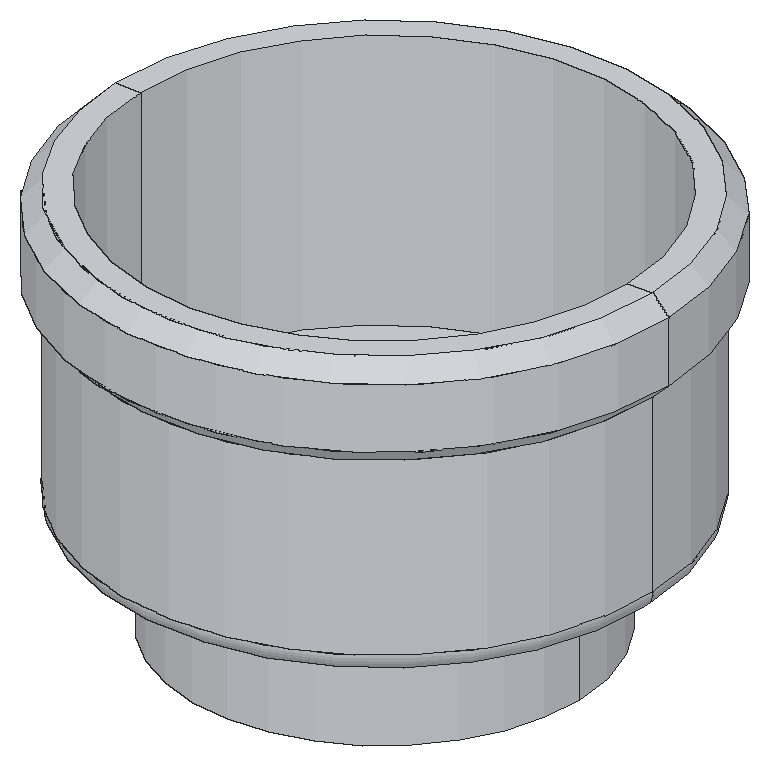
Revit family "MI-830", category Pipe Accessories, Revit 2018
Family settings
  Round Connector Dimension = Use Diameter
  Part Type = Normal
  Work Plane-Based = No
  Always vertical = Yes
  Cut with Voids When Loaded = No
  Shared = No
Parameters (values of type "MI-830-5")
  URL = "WWW.MIFAB.COM"
  Top Size Dia = 0' - 6 1/4"
  Pipe Size = 0' - 5"
  Model = "MI-830-5"
  Manufacturer = "MIFAB"
  Description = "CAST IRON MALE THREADED TO HUB ADAPTER"
  Body Height = 0' - 5"
Types (5): name | Top Size Dia | Pipe Size | Model | Body Height
  (no name) | 0' - 6 1/4" | 0' - 5" | "MI-830-5" | 0' - 5"
  MI-830-3 | 0' - 4 1/4" | 0' - 3" | "MI-830-3" | 0' - 4 3/8"
  MI-830-4 | 0' - 5 1/4" | 0' - 4" | "MI-830-4" | 0' - 4 3/4"
  MI-830-5 | 0' - 6 1/4" | 0' - 5" | "MI-830-5" | 0' - 5"
  MI-830-6 | 0' - 7 1/4" | 0' - 6" | "MI-830-6" | 0' - 5"
Reference planes (in)
  plane 1 "Center (Front/Back)": y = 0
  plane 2: z = 0
  plane 3 "Center (Left/Right)": x = 0
  plane 4: y = 2.14648
  plane 5: y = -2.14648
  plane 6: z = 5
  plane 7: x = 2.5
  plane 8: x = -2.5
  plane 9: x = 3.125
  plane 10: x = -3.125
Forms (in)
  Revolve 1, solid
    sketch origin (0, 0, 0) x (1, 0, 0) y (0, 0, 1)
      loop
        line (2.5, 0) -> (2.5, 1.31951) -> (3.18996, 1.31951)
        arc (3.18996, 1.31951) -> (3.36674, 1.39273) -> (3.43996, 1.56951) r 0.25
        line (3.43996, 1.56951) -> (3.43996, 3.80817) -> (3.64602, 4.01423) -> (3.64602, 4.78846) -> (3.43448, 5) -> (3.125, 5) -> (3.125, 1.67261) -> (2.2094, 1.67261) -> (2.2094, 0) -> (2.5, 0)
      axis (0, 0) -> (0, 5)
    angle from 0 to 360
Dimensions and locks (in)
  equal spacing: plane 5, plane 1 "Center (Front/Back)", plane 4
  plane 5 to plane 4 = 0' - 4 75/256"
  "Body Height": plane 6 to level
  equal spacing: plane 8, plane 3 "Center (Left/Right)", plane 7
  "Pipe Size": plane 8 to plane 7
  equal spacing: plane 10, plane 3 "Center (Left/Right)", plane 9
  "Top Size Dia": plane 10 to plane 9
  aligned and locked: level to plane 2
  aligned and locked: plane 7 to Revolve 1 sketch curve
  aligned and locked: Revolve 1 sketch curve to plane 6
  aligned and locked: Revolve 1 sketch curve to plane 9
  aligned and locked: Revolve 1 sketch curve to plane 2
Automatic sketch dimensions
  Revolve 1 sketch curve to plane 3 "Center (Left/Right)" = 0' - 0"
  Revolve 1 sketch curve to plane 7 = 0' - 0.2906"
  plane 9 to Revolve 1 sketch curve = 0' - 0.06496"
  Revolve 1 sketch curve to Revolve 1 sketch curve = 0' - 0.30948"
  plane 9 to Revolve 1 sketch curve = 0' - 0.31496"
  Revolve 1 sketch curve to plane 6 = 0' - 0.21154"
  Revolve 1 sketch curve to Revolve 1 sketch curve = 0' - 0.21154"
  level to Revolve 1 sketch curve = 0' - 1.31951"
  Revolve 1 sketch curve to Revolve 1 sketch curve = 0' - 0.1031"
  Revolve 1 sketch curve to Revolve 1 sketch curve = 0' - 0.98029"
  Revolve 1 sketch curve to Revolve 1 sketch curve = 0' - 0.20606"
  Revolve 1 sketch curve to plane 6 = 0' - 1"
  plane 6 to Revolve 1 sketch curve = 0' - 0 3/4"
Connectors (in)
  piping at (0, 0, 0), diameter 5, driven by "Pipe Size"
    settings: on Revolve 1, index 1, connector inside diameter 609.6 mm, connector length 0' - 0", flow factor 0, pipe flow 0.0 L/s, pressure drop 0.0 Pa, fitting loss kfactor 0, connector angle 0.00°, fixture units 0, engagement length 0' - 0", angle of deflection 0.00°, flow configuration 0, flow direction 0, fitting loss method 0, system type 7, joint type 0, gender type 0, connector reference index -1, connector utility 0, adjustable connector no, is connector primary yes, connector description ""
  piping at (0, 0, 5), diameter 6.25, driven by "Top Size Dia"
    settings: on Revolve 1, index 2, connector inside diameter 609.6 mm, connector length 0' - 0", flow factor 0, pipe flow 0.0 L/s, pressure drop 0.0 Pa, fitting loss kfactor 0, connector angle 0.00°, fixture units 0, engagement length 0' - 0", angle of deflection 0.00°, flow configuration 0, flow direction 0, fitting loss method 0, system type 7, joint type 0, gender type 0, connector reference index -1, connector utility 0, adjustable connector no, is connector primary no, connector description ""
